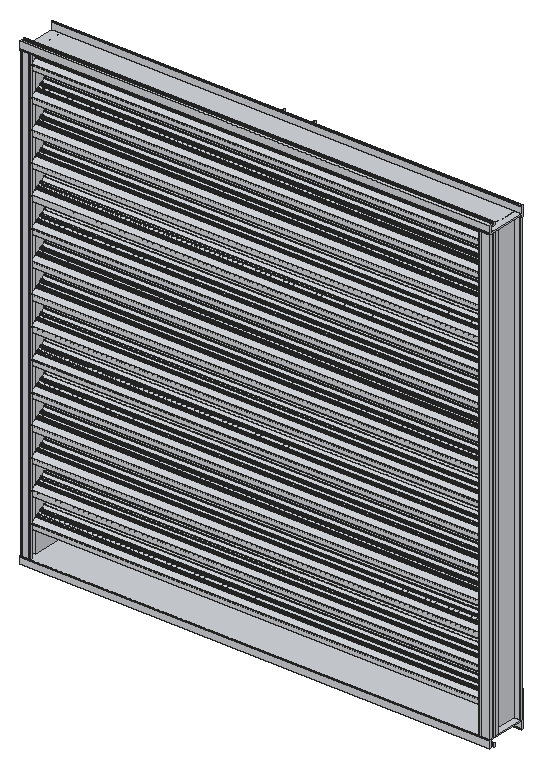
Revit family "CFL-D-4", category Mechanical Equipment, Revit 2015
Parameters
  URL = "http://unitedenertech.com/catalog/pdf/A_31a%20CFL-D-4.pdf"
  Type Comments = "Max. Single Section Size is (120\"w  x  84\"h) or (84\"w  x  120\"h)"
  Model = "CFL-D-4"
  Manufacturer = "United Enertech Corporation"
  Exact Width = 4' - 0"
  Exact Height = 4' - 0"
  Description = "High Performance Combination Louver/Damper 4\""
  Depth = 0' - 4.21363"
  Bracket Spacing = 0' - 3"
  Bracket Number [instance] = rounddown((Exact Height - 0' 4 3/16") / 0' 3")  # 14
  Blade Spacing 2 = 0' - 3"
  Blade Spacing 1 = 0' - 3"
  Blade 2 Number = rounddown((Exact Height - 0' 4 1/4") / 0' 3")  # 14
  Blade 1 Number [instance] = rounddown((Exact Height - 0' 1 3/4") / 0' 3")  # 15
  B2W [instance] = Exact Width - 0' 1 11/16" - 0' 0 3/8"  # 3' - 9 15/16"
  B1W [instance] = Exact Width - 0' 1 11/16"  # 3' - 10 5/16"
Reference planes (in)
  plane 1 "Center (Front/Back)": y = 0
  plane 2: z = 0
  plane 3 "Center (Left/Right)": x = 0
  plane 4: x = -24
  plane 5: x = 24
  plane 6: z = 48
  plane 7: x = -23.166
  plane 8: x = 23.166
  plane 9: z = 0.875
  plane 10: z = 47.125
  plane 11: y = 4.21363
  plane 12: z = 44.62927
  plane 13: x = -3
  plane 14: x = 3
  plane 15: z = 44.69571
  plane 16: z = 1.52867
Forms (in)
  Extrusion 1, solid
    sketch origin (25.60843, -7.07012, 0) x (1, 0, 0) y (0, 1, 0)
      loop
        line (-49.52743, 11.01475) -> (-49.52743, 11.12175) -> (-48.85543, 11.12175) -> (-48.85543, 8.12175) -> (-49.56243, 8.12175) -> (-49.56243, 7.70275) -> (-49.60843, 7.70275) -> (-49.60843, 7.62175) -> (-49.56243, 7.62175) -> (-49.56243, 7.55975) -> (-49.48143, 7.55975) -> (-49.48143, 7.62175) -> (-49.39343, 7.62175) -> (-49.39343, 7.20275) -> (-49.48143, 7.20275) -> (-49.48143, 7.34075) -> (-49.56243, 7.34075) -> (-49.56243, 7.12175) -> (-48.60152, 7.12175) -> (-48.60152, 7.07012) -> (-48.48343, 7.07012) -> (-48.48343, 7.20275) -> (-48.77443, 7.20275) -> (-48.77443, 7.30975) -> (-48.85543, 7.30975) -> (-48.85543, 7.20275) -> (-49.31243, 7.20275) -> (-49.31243, 7.70275) -> (-49.48143, 7.70275) -> (-49.48143, 8.04075) -> (-48.77443, 8.04075) -> (-48.77443, 11.15275) -> (-48.48343, 11.15275) -> (-48.48343, 11.20275) -> (-49.60843, 11.20275) -> (-49.60843, 11.01475) -> (-49.52743, 11.01475)
    from 0.875 to 47.125
  Extrusion 2, solid
    sketch origin (-25.60843, -7.07012, 0) x (-1, 0, 0) y (0, -1, 0)
      loop
        line (-49.52743, -11.01475) -> (-49.60843, -11.01475) -> (-49.60843, -11.20275) -> (-48.48343, -11.20275) -> (-48.48343, -11.15275) -> (-48.77443, -11.15275) -> (-48.77443, -8.04075) -> (-49.48143, -8.04075) -> (-49.48143, -7.70275) -> (-49.31243, -7.70275) -> (-49.31243, -7.20275) -> (-48.85543, -7.20275) -> (-48.85543, -7.30975) -> (-48.77443, -7.30975) -> (-48.77443, -7.20275) -> (-48.48343, -7.20275) -> (-48.48343, -7.07012) -> (-48.60152, -7.07012) -> (-48.60152, -7.12175) -> (-49.56243, -7.12175) -> (-49.56243, -7.34075) -> (-49.48143, -7.34075) -> (-49.48143, -7.20275) -> (-49.39343, -7.20275) -> (-49.39343, -7.62175) -> (-49.48143, -7.62175) -> (-49.48143, -7.55975) -> (-49.56243, -7.55975) -> (-49.56243, -7.62175) -> (-49.60843, -7.62175) -> (-49.60843, -7.70275) -> (-49.56243, -7.70275) -> (-49.56243, -8.12175) -> (-48.85543, -8.12175) -> (-48.85543, -11.12175) -> (-49.52743, -11.12175) -> (-49.52743, -11.01475)
    from 0.875 to 47.125
  Extrusion 3, solid
    sketch origin (-45.52421, 51.14788, -11.06076) x (0, 1, 0) y (0, 0, 1)
      loop
        line (-50.59625, 11.06076) -> (-50.51525, 11.06076) -> (-50.51525, 11.38576) -> (-51.01525, 11.38576) -> (-51.01525, 11.85476) -> (-47.01525, 11.85476) -> (-47.01525, 11.14176) -> (-47.12225, 11.14176) -> (-47.12225, 11.06076) -> (-46.93425, 11.06076) -> (-46.93425, 14.73576) -> (-47.01525, 14.73576) -> (-47.01525, 11.93576) -> (-51.14788, 11.93576) -> (-51.14788, 11.85476) -> (-51.09625, 11.85476) -> (-51.09625, 11.13576) -> (-50.87825, 11.13576) -> (-50.87825, 11.21676) -> (-51.01525, 11.21676) -> (-51.01525, 11.30476) -> (-50.59625, 11.30476) -> (-50.59625, 11.21676) -> (-50.65925, 11.21676) -> (-50.65925, 11.13576) -> (-50.59625, 11.13576) -> (-50.59625, 11.06076)
    from 21.52421 to 69.52421
  Extrusion 4, solid
    sketch origin (-48.17663, 52.05692, 22.47467) x (0, 1, 0) y (0, 0, 1)
      loop
        line (-51.50529, 25.52533) -> (-51.50529, 25.45033) -> (-51.56829, 25.45033) -> (-51.56829, 25.36933) -> (-51.50529, 25.36933) -> (-51.50529, 25.28133) -> (-51.92429, 25.28133) -> (-51.92429, 25.36933) -> (-51.78729, 25.36933) -> (-51.78729, 25.45033) -> (-52.00529, 25.45033) -> (-52.00529, 24.73133) -> (-52.05692, 24.73133) -> (-52.05692, 24.65033) -> (-47.92429, 24.65033) -> (-47.92429, 24.40033) -> (-47.84329, 24.40033) -> (-47.84329, 25.52533) -> (-48.03129, 25.52533) -> (-48.03129, 25.44433) -> (-47.92429, 25.44433) -> (-47.92429, 24.73133) -> (-51.92429, 24.73133) -> (-51.92429, 25.20033) -> (-51.42429, 25.20033) -> (-51.42429, 25.52533) -> (-51.50529, 25.52533)
    from 24.17663 to 72.17663
  Extrusion 5, solid
    sketch origin (-41.47338, 2.04952, 0) x (1, 0, 0) y (0, 1, 0)
      loop
        line (38.47338, 2.16411) -> (39.97338, 2.16411) -> (39.97338, 3.66411) -> (39.84838, 3.66411) -> (39.84838, 2.28911) -> (38.47338, 2.28911) -> (38.47338, 2.16411)
    from 0.875 to 47.125
  Extrusion 6, solid
    sketch origin (41.47338, 2.04952, 0) x (-1, 0, 0) y (0, -1, 0)
      loop
        line (38.47338, -2.16411) -> (38.47338, -2.28911) -> (39.84838, -2.28911) -> (39.84838, -3.66411) -> (39.97338, -3.66411) -> (39.97338, -2.16411) -> (38.47338, -2.16411)
    from 0.875 to 47.125
  Extrusion 7, solid
    sketch origin (0, 0, 0) x (1, 0, 0) y (0, 1, 0)
      loop
        circle (0, 4.45337) r 0.192
    from 1.52867 to 44.69571
Dimensions and locks (in)
  equal spacing: plane 4, plane 3 "Center (Left/Right)", plane 5
  "Exact Width": plane 4 to plane 5
  "Exact Height": plane 6 to level
  locked: plane 4 to plane 7 at 0.834
  locked: plane 8 to plane 5 at 0.834
  locked: plane 9 to level at 0.875
  locked: plane 6 to plane 10 at 0.875
  "Depth": plane 1 "Center (Front/Back)" to plane 11
  equal spacing: group 1, group 2, group 3, group 4, group 5, group 6, group 7, group 20, group 21, group 22, group 23, group 24, group 25, group 26, group 27  (x2)
  equal spacing: group 27, group 26, group 25, group 24, group 23, group 22, group 21, group 20, group 7, group 6, group 5, group 4, group 3, group 2, group 1
  "Blade Spacing 1": nested 2 to nested 1
  locked: plane 6 to plane 12 at 3.37073
  equal spacing: group 8, group 9, group 10, group 11, group 12, group 13, group 28, group 29, group 30, group 31, group 32, group 33, group 34, group 35  (x2)
  equal spacing: group 35, group 34, group 33, group 32, group 31, group 30, group 29, group 28, group 13, group 12, group 11, group 10, group 9, group 8
  "Blade Spacing 2": nested 9 to nested 8
  equal spacing: plane 13, plane 3 "Center (Left/Right)", plane 14
  locked: plane 13 to plane 14 at 6
  locked: plane 6 to plane 15 at 3.30429
  equal spacing: group 14, group 15, group 16, group 17, group 18, group 19, group 36, group 37, group 38, group 39, group 40, group 41, group 42, group 43  (x2)
  equal spacing: group 43, group 42, group 41, group 40, group 39, group 38, group 37, group 36, group 19, group 18, group 17, group 16, group 15, group 14
  "Bracket Spacing": nested 15 to nested 14
  locked: plane 16 to level at 1.52867
  aligned and locked: level to plane 2
  aligned and locked: Extrusion 1 to plane 9
  aligned and locked: Extrusion 2 to plane 9
  aligned and locked: plane 5 to Extrusion 3
  aligned and locked: plane 4 to Extrusion 3
  aligned and locked: plane 6 to Extrusion 4
  aligned and locked: plane 5 to Extrusion 4
  aligned and locked: plane 4 to Extrusion 4
  aligned and locked: plane 10 to Extrusion 1
  aligned and locked: plane 10 to Extrusion 2
  aligned and locked: plane 3 "Center (Left/Right)" to nested 1
  aligned and locked: plane 10 to nested 1
  aligned and locked: plane 3 "Center (Left/Right)" to nested 8
  aligned and locked: nested 8 to plane 12
  aligned and locked: plane 10 to Extrusion 5
  aligned and locked: Extrusion 5 to plane 9
  aligned and locked: plane 10 to Extrusion 6
  aligned and locked: Extrusion 6 to plane 9
  aligned and locked: plane 9 to Extrusion 5
  aligned and locked: nested 14 to plane 15
  aligned and locked: plane 15 to Extrusion 7
  aligned and locked: Extrusion 7 to plane 16
Automatic sketch dimensions
  Extrusion 1 sketch curve to plane 4 = 0' - 0"  (x2)
  Extrusion 1 sketch curve to plane 7 = 0' - 0"  (x2)
  plane 1 "Center (Front/Back)" to Extrusion 1 sketch curve = 0' - 0"
  Extrusion 1 sketch curve to plane 4 = 0' - 0.046"  (x3)
  Extrusion 1 sketch curve to plane 4 = 0' - 0.081"
  Extrusion 1 sketch curve to Extrusion 1 sketch curve = 0' - 0.081"  (x9)
  Extrusion 1 sketch curve to Extrusion 1 sketch curve = 0' - 0.088"
  plane 7 to Extrusion 1 sketch curve = 0' - 0.081"
  Extrusion 1 sketch curve to plane 7 = 0' - 0.17291"
  plane 11 to Extrusion 1 sketch curve = 0' - 0.081"
  Extrusion 1 sketch curve to plane 7 = 0' - 0.291"
  Extrusion 1 sketch curve to Extrusion 1 sketch curve = 0' - 0.11809"
  Extrusion 1 sketch curve to plane 1 "Center (Front/Back)" = 0' - 0.05163"
  Extrusion 1 sketch curve to plane 1 "Center (Front/Back)" = 0' - 0.13263"
  Extrusion 1 sketch curve to Extrusion 1 sketch curve = 0' - 0"
  Extrusion 1 sketch curve to Extrusion 1 sketch curve = 0' - 0.107"
  Extrusion 1 sketch curve to Extrusion 1 sketch curve = 0' - 0.138"
  Extrusion 1 sketch curve to Extrusion 1 sketch curve = 0' - 0.219"
  Extrusion 1 sketch curve to Extrusion 1 sketch curve = 0' - 0.062"  (x2)
  Extrusion 1 sketch curve to Extrusion 1 sketch curve = 0' - 0.338"
  Extrusion 1 sketch curve to Extrusion 1 sketch curve = 0' - 0.188"
  plane 11 to Extrusion 1 sketch curve = 0' - 0.162"
  Extrusion 1 sketch curve to Extrusion 1 sketch curve = 0' - 0.05"
  Extrusion 2 sketch curve to plane 5 = 0' - 0"  (x2)
  Extrusion 2 sketch curve to plane 8 = 0' - 0"  (x2)
  plane 1 "Center (Front/Back)" to Extrusion 2 sketch curve = 0' - 0"
  plane 5 to Extrusion 2 sketch curve = 0' - 0.046"  (x3)
  plane 5 to Extrusion 2 sketch curve = 0' - 0.081"
  Extrusion 2 sketch curve to Extrusion 2 sketch curve = 0' - 0.081"  (x9)
  Extrusion 2 sketch curve to Extrusion 2 sketch curve = 0' - 0.088"
  plane 8 to Extrusion 2 sketch curve = 0' - 0.081"
  Extrusion 2 sketch curve to plane 8 = 0' - 0.17291"
  Extrusion 2 sketch curve to plane 11 = 0' - 0.081"
  Extrusion 2 sketch curve to plane 8 = 0' - 0.291"
  Extrusion 2 sketch curve to Extrusion 2 sketch curve = 0' - 0.11809"
  plane 1 "Center (Front/Back)" to Extrusion 2 sketch curve = 0' - 0.05163"
  plane 1 "Center (Front/Back)" to Extrusion 2 sketch curve = 0' - 0.13263"
  Extrusion 2 sketch curve to Extrusion 2 sketch curve = 0' - 0"
  Extrusion 2 sketch curve to Extrusion 2 sketch curve = 0' - 0.107"
  Extrusion 2 sketch curve to Extrusion 2 sketch curve = 0' - 0.138"
  Extrusion 2 sketch curve to Extrusion 2 sketch curve = 0' - 0.219"
  Extrusion 2 sketch curve to Extrusion 2 sketch curve = 0' - 0.062"  (x2)
  Extrusion 2 sketch curve to Extrusion 2 sketch curve = 0' - 0.338"
  Extrusion 2 sketch curve to Extrusion 2 sketch curve = 0' - 0.188"
  Extrusion 2 sketch curve to plane 11 = 0' - 0.162"
  Extrusion 2 sketch curve to Extrusion 2 sketch curve = 0' - 0.05"
  Extrusion 3 sketch curve to plane 1 "Center (Front/Back)" = 0' - 0"
  Extrusion 3 sketch curve to level = 0' - 0"  (x2)
  plane 9 to Extrusion 3 sketch curve = 0' - 0"
  Extrusion 3 sketch curve to plane 11 = 0' - 0"
  Extrusion 3 sketch curve to plane 1 "Center (Front/Back)" = 0' - 0.05163"
  Extrusion 3 sketch curve to plane 1 "Center (Front/Back)" = 0' - 0.13263"
  Extrusion 3 sketch curve to Extrusion 3 sketch curve = 0' - 0"  (x2)
  level to Extrusion 3 sketch curve = 0' - 0.075"  (x2)
  Extrusion 3 sketch curve to Extrusion 3 sketch curve = 0' - 0.137"
  Extrusion 3 sketch curve to Extrusion 3 sketch curve = 0' - 0.219"
  Extrusion 3 sketch curve to Extrusion 3 sketch curve = 0' - 0.063"  (x2)
  Extrusion 3 sketch curve to Extrusion 3 sketch curve = 0' - 0.081"  (x5)
  Extrusion 3 sketch curve to Extrusion 3 sketch curve = 0' - 0.188"
  plane 11 to Extrusion 3 sketch curve = 0' - 0.081"
  level to Extrusion 3 sketch curve = 0' - 0.081"
  Extrusion 3 sketch curve to Extrusion 3 sketch curve = 0' - 0.088"
  Extrusion 3 sketch curve to plane 9 = 0' - 0.081"
  Extrusion 3 sketch curve to Extrusion 3 sketch curve = 0' - 2.8"
  Extrusion 4 sketch curve to plane 1 "Center (Front/Back)" = 0' - 0"
  Extrusion 4 sketch curve to plane 6 = 0' - 0"  (x2)
  plane 10 to Extrusion 4 sketch curve = 0' - 0"
  Extrusion 4 sketch curve to plane 11 = 0' - 0"
  Extrusion 4 sketch curve to plane 1 "Center (Front/Back)" = 0' - 0.05163"
  Extrusion 4 sketch curve to Extrusion 4 sketch curve = 0' - 0.081"  (x9)
  Extrusion 4 sketch curve to plane 6 = 0' - 0.075"  (x2)
  Extrusion 4 sketch curve to Extrusion 4 sketch curve = 0' - 0.137"
  Extrusion 4 sketch curve to Extrusion 4 sketch curve = 0' - 0.219"
  Extrusion 4 sketch curve to Extrusion 4 sketch curve = 0' - 0.063"  (x2)
  Extrusion 4 sketch curve to Extrusion 4 sketch curve = 0' - 0.188"
  Extrusion 4 sketch curve to Extrusion 4 sketch curve = 0' - 0"
  Extrusion 4 sketch curve to plane 10 = 0' - 0 1/4"
  Extrusion 4 sketch curve to Extrusion 4 sketch curve = 0' - 0 1/4"
  Extrusion 4 sketch curve to Extrusion 4 sketch curve = 0' - 0.088"
  plane 11 to Extrusion 5 sketch curve = 0' - 0"
  Extrusion 5 sketch curve to plane 13 = 0' - 0"
  Extrusion 5 sketch curve to plane 13 = 0' - 1 3/8"
  Extrusion 5 sketch curve to Extrusion 5 sketch curve = 0' - 0 1/8"
  Extrusion 5 sketch curve to plane 11 = 0' - 0 1/8"
  Extrusion 5 sketch curve to Extrusion 5 sketch curve = 0' - 1 3/8"
  plane 11 to Extrusion 6 sketch curve = 0' - 0"
  Extrusion 6 sketch curve to plane 14 = 0' - 0"
  Extrusion 6 sketch curve to plane 14 = 0' - 1 3/8"
  Extrusion 6 sketch curve to Extrusion 6 sketch curve = 0' - 0 1/8"
  plane 11 to Extrusion 6 sketch curve = 0' - 0 1/8"
  Extrusion 6 sketch curve to Extrusion 6 sketch curve = 0' - 1 3/8"
  Extrusion 7 sketch curve to plane 3 "Center (Left/Right)" = 0' - 0"
  Extrusion 7 sketch curve to plane 11 = 0' - 0.23973"
  radius of Extrusion 7 sketch curve = 0' - 0.192"
Nested families (in)
  nested 1: "CFL Blade 1" at (0, -0.52815, 40.3854), type "CFL Blade 1"
    with Blade Width 3' - 10 5/16"
  nested 2: "CFL Blade 1" at (0, -0.52815, 37.3854), type "CFL Blade 1"
    with Blade Width 3' - 10 5/16"
  nested 3: "CFL Blade 1" at (0, -0.52815, 34.3854), type "CFL Blade 1"
    with Blade Width 3' - 10 5/16"
  nested 4: "CFL Blade 1" at (0, -0.52815, 31.3854), type "CFL Blade 1"
    with Blade Width 3' - 10 5/16"
  nested 5: "CFL Blade 1" at (0, -0.52815, 28.3854), type "CFL Blade 1"
    with Blade Width 3' - 10 5/16"
  nested 6: "CFL Blade 1" at (0, -0.52815, 25.3854), type "CFL Blade 1"
    with Blade Width 3' - 10 5/16"
  nested 7: "CFL Blade 1" at (0, -0.52815, 22.3854), type "CFL Blade 1"
    with Blade Width 3' - 10 5/16"
  nested 8: "CFL Blade 2" at (0, 0.64933, 38.36327), type "CFL Blade 2"
    with Blade 2 Width 3' - 9 15/16"
  nested 9: "CFL Blade 2" at (0, 0.64933, 35.36327), type "CFL Blade 2"
    with Blade 2 Width 3' - 9 15/16"
  nested 10: "CFL Blade 2" at (0, 0.64933, 32.36327), type "CFL Blade 2"
    with Blade 2 Width 3' - 9 15/16"
  nested 11: "CFL Blade 2" at (0, 0.64933, 29.36327), type "CFL Blade 2"
    with Blade 2 Width 3' - 9 15/16"
  nested 12: "CFL Blade 2" at (0, 0.64933, 26.36327), type "CFL Blade 2"
    with Blade 2 Width 3' - 9 15/16"
  nested 13: "CFL Blade 2" at (0, 0.64933, 23.36327), type "CFL Blade 2"
    with Blade 2 Width 3' - 9 15/16"
  nested 14: "BRACKET" at (2.67149, 4.39076, 45.80463) x (1, 0, 0) z (0, 0.7411, -0.6714), type "BRACKET"
  nested 15: "BRACKET" at (2.67149, 4.39076, 42.80463) x (1, 0, 0) z (0, 0.7411, -0.6714), type "BRACKET"
  nested 16: "BRACKET" at (2.67149, 4.39076, 39.80463) x (1, 0, 0) z (0, 0.7411, -0.6714), type "BRACKET"
  nested 17: "BRACKET" at (2.67149, 4.39076, 36.80463) x (1, 0, 0) z (0, 0.7411, -0.6714), type "BRACKET"
  nested 18: "BRACKET" at (2.67149, 4.39076, 33.80463) x (1, 0, 0) z (0, 0.7411, -0.6714), type "BRACKET"
  nested 19: "BRACKET" at (2.67149, 4.39076, 30.80463) x (1, 0, 0) z (0, 0.7411, -0.6714), type "BRACKET"
  nested 20: "CFL Blade 1" at (0, -0.52815, 19.3854), type "CFL Blade 1"
    with Blade Width 3' - 10 5/16"
  nested 21: "CFL Blade 1" at (0, -0.52815, 16.3854), type "CFL Blade 1"
    with Blade Width 3' - 10 5/16"
  nested 22: "CFL Blade 1" at (0, -0.52815, 13.3854), type "CFL Blade 1"
    with Blade Width 3' - 10 5/16"
  nested 23: "CFL Blade 1" at (0, -0.52815, 10.3854), type "CFL Blade 1"
    with Blade Width 3' - 10 5/16"
  nested 24: "CFL Blade 1" at (0, -0.52815, 7.3854), type "CFL Blade 1"
    with Blade Width 3' - 10 5/16"
  nested 25: "CFL Blade 1" at (0, -0.52815, 4.3854), type "CFL Blade 1"
    with Blade Width 3' - 10 5/16"
  nested 26: "CFL Blade 1" at (0, -0.52815, 1.3854), type "CFL Blade 1"
    with Blade Width 3' - 10 5/16"
  nested 27: "CFL Blade 1" at (0, -0.52815, -1.6146), type "CFL Blade 1"
    with Blade Width 3' - 10 5/16"
  nested 28: "CFL Blade 2" at (0, 0.64933, 20.36327), type "CFL Blade 2"
    with Blade 2 Width 3' - 9 15/16"
  nested 29: "CFL Blade 2" at (0, 0.64933, 17.36327), type "CFL Blade 2"
    with Blade 2 Width 3' - 9 15/16"
  nested 30: "CFL Blade 2" at (0, 0.64933, 14.36327), type "CFL Blade 2"
    with Blade 2 Width 3' - 9 15/16"
  nested 31: "CFL Blade 2" at (0, 0.64933, 11.36327), type "CFL Blade 2"
    with Blade 2 Width 3' - 9 15/16"
  nested 32: "CFL Blade 2" at (0, 0.64933, 8.36327), type "CFL Blade 2"
    with Blade 2 Width 3' - 9 15/16"
  nested 33: "CFL Blade 2" at (0, 0.64933, 5.36327), type "CFL Blade 2"
    with Blade 2 Width 3' - 9 15/16"
  nested 34: "CFL Blade 2" at (0, 0.64933, 2.36327), type "CFL Blade 2"
    with Blade 2 Width 3' - 9 15/16"
  nested 35: "CFL Blade 2" at (0, 0.64933, -0.63673), type "CFL Blade 2"
    with Blade 2 Width 3' - 9 15/16"
  nested 36: "BRACKET" at (2.67149, 4.39076, 27.80463) x (1, 0, 0) z (0, 0.7411, -0.6714), type "BRACKET"
  nested 37: "BRACKET" at (2.67149, 4.39076, 24.80463) x (1, 0, 0) z (0, 0.7411, -0.6714), type "BRACKET"
  nested 38: "BRACKET" at (2.67149, 4.39076, 21.80463) x (1, 0, 0) z (0, 0.7411, -0.6714), type "BRACKET"
  nested 39: "BRACKET" at (2.67149, 4.39076, 18.80463) x (1, 0, 0) z (0, 0.7411, -0.6714), type "BRACKET"
  nested 40: "BRACKET" at (2.67149, 4.39076, 15.80463) x (1, 0, 0) z (0, 0.7411, -0.6714), type "BRACKET"
  nested 41: "BRACKET" at (2.67149, 4.39076, 12.80463) x (1, 0, 0) z (0, 0.7411, -0.6714), type "BRACKET"
  nested 42: "BRACKET" at (2.67149, 4.39076, 9.80463) x (1, 0, 0) z (0, 0.7411, -0.6714), type "BRACKET"
  nested 43: "BRACKET" at (2.67149, 4.39076, 6.80463) x (1, 0, 0) z (0, 0.7411, -0.6714), type "BRACKET"
Definition of nested family "CFL Blade 1"
  Parameters (values of type "CFL Blade 1")
    Blade Width = 2' - 0"
  Reference planes (in)
    plane 1 "Center (Front/Back)": y = 0
    plane 2: z = 0
    plane 3 "Center (Left/Right)": x = 0
    plane 4: x = -12
    plane 5: x = 12
  Forms (in)
    Extrusion 1, solid
      sketch origin (-3.41988, -4.10865, 4.95837) x (0, 1, 0) y (0, 0, 1)
        loop
          line (4.91461, 0.62432) -> (4.95458, 0.66907) -> (4.76943, 0.83971) -> (4.76943, 0.30203) -> (5.65559, 0.90622) -> (5.71832, 0.89099) -> (5.73753, 0.94044) -> (5.67739, 0.97526) -> (5.65413, 1.01811) -> (5.66203, 1.0688) -> (5.69702, 1.10245) -> (5.74792, 1.10836) -> (5.79555, 1.0761) -> (5.80898, 1.02742) -> (5.81433, 0.98066) -> (5.87311, 0.98739) -> (5.86847, 1.04548) -> (5.87422, 1.09816) -> (6.06833, 1.23051) -> (6.16935, 1.19047) -> (6.18446, 1.24685) -> (6.12527, 1.27533) -> (6.09751, 1.33066) -> (6.12294, 1.39296) -> (6.17551, 1.41329) -> (6.22364, 1.3967) -> (6.25174, 1.35227) -> (6.25677, 1.28967) -> (6.31196, 1.28967) -> (6.31353, 1.32978) -> (6.34703, 1.38274) -> (6.77138, 1.78123) -> (6.48131, 1.78123) -> (6.48131, 1.72306) -> (6.62178, 1.72306) -> (6.30332, 1.424) -> (6.26331, 1.44179) -> (6.22413, 1.46445) -> (6.15712, 1.47206) -> (6.12224, 1.46261) -> (6.09313, 1.44604) -> (6.06657, 1.42009) -> (6.0399, 1.36013) -> (6.03849, 1.31773) -> (6.03663, 1.28104) -> (5.83212, 1.1416) -> (5.7937, 1.15517) -> (5.75274, 1.1685) -> (5.70747, 1.1682) -> (5.66196, 1.15173) -> (5.62222, 1.11722) -> (5.59837, 1.07068) -> (5.59369, 1.0171) -> (5.60664, 0.94511) -> (4.82985, 0.41537) -> (4.82985, 0.70243) -> (4.91461, 0.62432)
      from -8.58012 to 15.41988
  Dimensions and locks (in)
    equal spacing: plane 4, plane 3 "Center (Left/Right)", plane 5
    "Blade Width": plane 4 to plane 5
    aligned and locked: level to plane 2
    aligned and locked: plane 5 to Extrusion 1
    aligned and locked: plane 4 to Extrusion 1
  Automatic sketch dimensions
    Extrusion 1 sketch curve to plane 1 "Center (Front/Back)" = 0' - 0.66078"
    Extrusion 1 sketch curve to Extrusion 1 sketch curve = 0' - 0.06042"
    Extrusion 1 sketch curve to Extrusion 1 sketch curve = 0' - 0.08476"
    Extrusion 1 sketch curve to Extrusion 1 sketch curve = 0' - 0.03997"
    Extrusion 1 sketch curve to Extrusion 1 sketch curve = 0' - 0.63911"
    Extrusion 1 sketch curve to Extrusion 1 sketch curve = 0' - 0.00468"
    Extrusion 1 sketch curve to Extrusion 1 sketch curve = 0' - 0.01295"
    Extrusion 1 sketch curve to Extrusion 1 sketch curve = 0' - 0.02385"
    Extrusion 1 sketch curve to Extrusion 1 sketch curve = 0' - 0.06045"
    Extrusion 1 sketch curve to Extrusion 1 sketch curve = 0' - 0.04895"
    Extrusion 1 sketch curve to Extrusion 1 sketch curve = 0' - 0.03974"
    Extrusion 1 sketch curve to Extrusion 1 sketch curve = 0' - 0.0079"
    Extrusion 1 sketch curve to Extrusion 1 sketch curve = 0' - 0.02326"
    Extrusion 1 sketch curve to Extrusion 1 sketch curve = 0' - 0.03499"
    Extrusion 1 sketch curve to Extrusion 1 sketch curve = 0' - 0.04551"
    Extrusion 1 sketch curve to Extrusion 1 sketch curve = 0' - 0.06273"
    Extrusion 1 sketch curve to Extrusion 1 sketch curve = 0' - 0.01921"
    Extrusion 1 sketch curve to Extrusion 1 sketch curve = 0' - 0.0509"
    Extrusion 1 sketch curve to Extrusion 1 sketch curve = 0' - 0.04528"
    Extrusion 1 sketch curve to Extrusion 1 sketch curve = 0' - 0.04095"
    Extrusion 1 sketch curve to Extrusion 1 sketch curve = 0' - 0.04762"
    Extrusion 1 sketch curve to Extrusion 1 sketch curve = 0' - 0.01343"
    Extrusion 1 sketch curve to Extrusion 1 sketch curve = 0' - 0.00535"
    Extrusion 1 sketch curve to Extrusion 1 sketch curve = 0' - 0.03842"
    Extrusion 1 sketch curve to Extrusion 1 sketch curve = 0' - 0.05949"
    Extrusion 1 sketch curve to Extrusion 1 sketch curve = 0' - 0.00464"
    Extrusion 1 sketch curve to Extrusion 1 sketch curve = 0' - 0.00575"
    Extrusion 1 sketch curve to Extrusion 1 sketch curve = 0' - 0.16241"
    Extrusion 1 sketch curve to Extrusion 1 sketch curve = 0' - 0.00186"
    Extrusion 1 sketch curve to Extrusion 1 sketch curve = 0' - 0.00141"
    Extrusion 1 sketch curve to Extrusion 1 sketch curve = 0' - 0.02667"
    Extrusion 1 sketch curve to Extrusion 1 sketch curve = 0' - 0.0317"
    Extrusion 1 sketch curve to Extrusion 1 sketch curve = 0' - 0.02655"
    Extrusion 1 sketch curve to Extrusion 1 sketch curve = 0' - 0.05902"
    Extrusion 1 sketch curve to Extrusion 1 sketch curve = 0' - 0.02911"
    Extrusion 1 sketch curve to Extrusion 1 sketch curve = 0' - 0.02982"
    Extrusion 1 sketch curve to Extrusion 1 sketch curve = 0' - 0.02776"
    Extrusion 1 sketch curve to Extrusion 1 sketch curve = 0' - 0.03488"
    Extrusion 1 sketch curve to Extrusion 1 sketch curve = 0' - 0.04408"
    Extrusion 1 sketch curve to Extrusion 1 sketch curve = 0' - 0.05256"
    Extrusion 1 sketch curve to Extrusion 1 sketch curve = 0' - 0.01511"
    Extrusion 1 sketch curve to Extrusion 1 sketch curve = 0' - 0.04814"
    Extrusion 1 sketch curve to Extrusion 1 sketch curve = 0' - 0.06701"
    Extrusion 1 sketch curve to Extrusion 1 sketch curve = 0' - 0.02809"
    Extrusion 1 sketch curve to Extrusion 1 sketch curve = 0' - 0.00503"
    Extrusion 1 sketch curve to Extrusion 1 sketch curve = 0' - 0.03918"
    Extrusion 1 sketch curve to Extrusion 1 sketch curve = 0' - 0.04001"
    Extrusion 1 sketch curve to Extrusion 1 sketch curve = 0' - 0.05519"
    Extrusion 1 sketch curve to Extrusion 1 sketch curve = 0' - 0.00157"
    Extrusion 1 sketch curve to Extrusion 1 sketch curve = 0' - 0.04371"
    Extrusion 1 sketch curve to Extrusion 1 sketch curve = 0' - 0.17799"
    Extrusion 1 sketch curve to Extrusion 1 sketch curve = 0' - 0.14048"
    Extrusion 1 sketch curve to Extrusion 1 sketch curve = 0' - 0.1496"
    level to Extrusion 1 sketch curve = 0' - 5.2604"
    Extrusion 1 sketch curve to Extrusion 1 sketch curve = 0' - 0.11334"
    Extrusion 1 sketch curve to Extrusion 1 sketch curve = 0' - 0.20895"
    Extrusion 1 sketch curve to Extrusion 1 sketch curve = 0' - 0.04475"
    Extrusion 1 sketch curve to Extrusion 1 sketch curve = 0' - 0 5/64"
    Extrusion 1 sketch curve to Extrusion 1 sketch curve = 0' - 0.13728"
    Extrusion 1 sketch curve to Extrusion 1 sketch curve = 0' - 0.22192"
    Extrusion 1 sketch curve to Extrusion 1 sketch curve = 0' - 0.01523"
    Extrusion 1 sketch curve to Extrusion 1 sketch curve = 0' - 0.04945"
    Extrusion 1 sketch curve to Extrusion 1 sketch curve = 0' - 0.03889"
    Extrusion 1 sketch curve to Extrusion 1 sketch curve = 0' - 0.03482"
    Extrusion 1 sketch curve to Extrusion 1 sketch curve = 0' - 0.04022"
    Extrusion 1 sketch curve to Extrusion 1 sketch curve = 0' - 0.00672"
    Extrusion 1 sketch curve to Extrusion 1 sketch curve = 0' - 0.07199"
    Extrusion 1 sketch curve to Extrusion 1 sketch curve = 0' - 0.04285"
    Extrusion 1 sketch curve to Extrusion 1 sketch curve = 0' - 0.05809"
    Extrusion 1 sketch curve to Extrusion 1 sketch curve = 0' - 0.05069"
    Extrusion 1 sketch curve to Extrusion 1 sketch curve = 0' - 0.05358"
    Extrusion 1 sketch curve to Extrusion 1 sketch curve = 0' - 0.04868"
    Extrusion 1 sketch curve to Extrusion 1 sketch curve = 0' - 0.05268"
    Extrusion 1 sketch curve to Extrusion 1 sketch curve = 0' - 0.03365"
    Extrusion 1 sketch curve to Extrusion 1 sketch curve = 0' - 0.00592"
    Extrusion 1 sketch curve to Extrusion 1 sketch curve = 0' - 0.04654"
    Extrusion 1 sketch curve to Extrusion 1 sketch curve = 0' - 0.04344"
    Extrusion 1 sketch curve to Extrusion 1 sketch curve = 0' - 0.0345"
    Extrusion 1 sketch curve to Extrusion 1 sketch curve = 0' - 0.01357"
    Extrusion 1 sketch curve to Extrusion 1 sketch curve = 0' - 0.01647"
    Extrusion 1 sketch curve to Extrusion 1 sketch curve = 0' - 0.01333"
    Extrusion 1 sketch curve to Extrusion 1 sketch curve = 0' - 0.0923"
    Extrusion 1 sketch curve to Extrusion 1 sketch curve = 0' - 0.04004"
    Extrusion 1 sketch curve to Extrusion 1 sketch curve = 0' - 0.05639"
    Extrusion 1 sketch curve to Extrusion 1 sketch curve = 0' - 0.02848"
    Extrusion 1 sketch curve to Extrusion 1 sketch curve = 0' - 0.05053"
    Extrusion 1 sketch curve to Extrusion 1 sketch curve = 0' - 0.04281"
    Extrusion 1 sketch curve to Extrusion 1 sketch curve = 0' - 0.03669"
    Extrusion 1 sketch curve to Extrusion 1 sketch curve = 0' - 0.04012"
    Extrusion 1 sketch curve to Extrusion 1 sketch curve = 0' - 0.01294"
    Extrusion 1 sketch curve to Extrusion 1 sketch curve = 0' - 0.0626"
    Extrusion 1 sketch curve to Extrusion 1 sketch curve = 0' - 0.04241"
    Extrusion 1 sketch curve to Extrusion 1 sketch curve = 0' - 0.05295"
    Extrusion 1 sketch curve to Extrusion 1 sketch curve = 0' - 0.0623"
    Extrusion 1 sketch curve to Extrusion 1 sketch curve = 0' - 0.04443"
    Extrusion 1 sketch curve to Extrusion 1 sketch curve = 0' - 0.01659"
    Extrusion 1 sketch curve to Extrusion 1 sketch curve = 0' - 0.02713"
    Extrusion 1 sketch curve to Extrusion 1 sketch curve = 0' - 0.04126"
    Extrusion 1 sketch curve to Extrusion 1 sketch curve = 0' - 0.0178"
    Extrusion 1 sketch curve to Extrusion 1 sketch curve = 0' - 0.02595"
    Extrusion 1 sketch curve to Extrusion 1 sketch curve = 0' - 0.01657"
    Extrusion 1 sketch curve to Extrusion 1 sketch curve = 0' - 0.02266"
    Extrusion 1 sketch curve to Extrusion 1 sketch curve = 0' - 0.00945"
    Extrusion 1 sketch curve to Extrusion 1 sketch curve = 0' - 0.29906"
    Extrusion 1 sketch curve to Extrusion 1 sketch curve = 0' - 0.05817"
Definition of nested family "CFL Blade 2"
  Parameters (values of type "CFL Blade 2")
    Blade 2 Width = 2' - 0"
  Reference planes (in)
    plane 1 "Center (Front/Back)": y = 0
    plane 2: z = 0
    plane 3 "Center (Left/Right)": x = 0
    plane 4: x = -12
    plane 5: x = 12
  Forms (in)
    Extrusion 1, solid
      sketch origin (3.80836, -5.36649, 3.88789) x (0, 1, 0) y (0, 0, 1)
        loop
          line (6.20933, 1.12231) -> (6.26629, 1.06472) -> (7.35867, 2.14418) -> (7.4301, 2.17118) -> (7.49521, 2.15668) -> (7.56436, 2.11037) -> (7.65062, 2.07647) -> (7.74506, 2.06645) -> (7.85029, 2.08105) -> (7.82464, 2.17678) -> (7.74727, 2.16662) -> (7.66619, 2.17578) -> (7.58799, 2.21365) -> (7.52324, 2.28246) -> (7.48781, 2.37516) -> (7.4897, 2.46749) -> (7.5223, 2.54863) -> (7.5778, 2.61116) -> (7.655, 2.65574) -> (7.7344, 2.66629) -> (7.82433, 2.64956) -> (7.89345, 2.60917) -> (7.94261, 2.55467) -> (7.97819, 2.47168) -> (7.99303, 2.37811) -> (8.11775, 2.37811) -> (8.14049, 2.49511) -> (8.74788, 3.10249) -> (8.69086, 3.15951) -> (8.15742, 2.63865) -> (8.08292, 2.61403) -> (8.01114, 2.63669) -> (7.92773, 2.70805) -> (7.85896, 2.74337) -> (7.77941, 2.76338) -> (7.69988, 2.76458) -> (7.6124, 2.74434) -> (7.53578, 2.70448) -> (7.46578, 2.64067) -> (7.41819, 2.56632) -> (7.39271, 2.49211) -> (7.38257, 2.40037) -> (7.35917, 2.3052) -> (7.31307, 2.22093) -> (7.23522, 2.13704) -> (6.20933, 1.12231)
      from -15.80836 to 8.19164
  Dimensions and locks (in)
    equal spacing: plane 4, plane 3 "Center (Left/Right)", plane 5
    "Blade 2 Width": plane 4 to plane 5
    aligned and locked: level to plane 2
    aligned and locked: Extrusion 1 to plane 5
    aligned and locked: plane 4 to Extrusion 1
  Automatic sketch dimensions
    Extrusion 1 sketch curve to plane 1 "Center (Front/Back)" = 0' - 0.84284"
    Extrusion 1 sketch curve to Extrusion 1 sketch curve = 0' - 0.05696"
    Extrusion 1 sketch curve to Extrusion 1 sketch curve = 0' - 1.02589"
    Extrusion 1 sketch curve to Extrusion 1 sketch curve = 0' - 0.07785"
    Extrusion 1 sketch curve to Extrusion 1 sketch curve = 0' - 0.0456"
    Extrusion 1 sketch curve to Extrusion 1 sketch curve = 0' - 0.0461"
    Extrusion 1 sketch curve to Extrusion 1 sketch curve = 0' - 0.0234"
    Extrusion 1 sketch curve to Extrusion 1 sketch curve = 0' - 0.01014"
    Extrusion 1 sketch curve to Extrusion 1 sketch curve = 0' - 0.02547"
    Extrusion 1 sketch curve to Extrusion 1 sketch curve = 0' - 0.07143"
    Extrusion 1 sketch curve to Extrusion 1 sketch curve = 0' - 0.0476"
    Extrusion 1 sketch curve to Extrusion 1 sketch curve = 0' - 0.10524"
    Extrusion 1 sketch curve to Extrusion 1 sketch curve = 0' - 0.00189"
    Extrusion 1 sketch curve to Extrusion 1 sketch curve = 0' - 0.06511"
    Extrusion 1 sketch curve to Extrusion 1 sketch curve = 0' - 0.0326"
    Extrusion 1 sketch curve to Extrusion 1 sketch curve = 0' - 0.03543"
    Extrusion 1 sketch curve to Extrusion 1 sketch curve = 0' - 0.07"
    Extrusion 1 sketch curve to Extrusion 1 sketch curve = 0' - 0.06915"
    Extrusion 1 sketch curve to Extrusion 1 sketch curve = 0' - 0.0555"
    Extrusion 1 sketch curve to Extrusion 1 sketch curve = 0' - 0.06475"
    Extrusion 1 sketch curve to Extrusion 1 sketch curve = 0' - 0.07661"
    Extrusion 1 sketch curve to Extrusion 1 sketch curve = 0' - 0.08626"
    Extrusion 1 sketch curve to Extrusion 1 sketch curve = 0' - 0.0772"
    Extrusion 1 sketch curve to Extrusion 1 sketch curve = 0' - 0.0782"
    Extrusion 1 sketch curve to Extrusion 1 sketch curve = 0' - 0.08749"
    Extrusion 1 sketch curve to Extrusion 1 sketch curve = 0' - 0.0794"
    Extrusion 1 sketch curve to Extrusion 1 sketch curve = 0' - 0.09444"
    Extrusion 1 sketch curve to Extrusion 1 sketch curve = 0' - 0.08108"
    Extrusion 1 sketch curve to Extrusion 1 sketch curve = 0' - 0.07953"
    Extrusion 1 sketch curve to Extrusion 1 sketch curve = 0' - 0.08993"
    Extrusion 1 sketch curve to Extrusion 1 sketch curve = 0' - 0.07737"
    Extrusion 1 sketch curve to Extrusion 1 sketch curve = 0' - 0.02565"
    Extrusion 1 sketch curve to Extrusion 1 sketch curve = 0' - 0.07955"
    Extrusion 1 sketch curve to Extrusion 1 sketch curve = 0' - 0.06912"
    Extrusion 1 sketch curve to Extrusion 1 sketch curve = 0' - 0.06876"
    Extrusion 1 sketch curve to Extrusion 1 sketch curve = 0' - 0.04916"
    Extrusion 1 sketch curve to Extrusion 1 sketch curve = 0' - 0.03558"
    Extrusion 1 sketch curve to Extrusion 1 sketch curve = 0' - 0.01484"
    Extrusion 1 sketch curve to Extrusion 1 sketch curve = 0' - 0.06852"
    Extrusion 1 sketch curve to Extrusion 1 sketch curve = 0' - 0.07179"
    Extrusion 1 sketch curve to Extrusion 1 sketch curve = 0' - 0.12472"
    Extrusion 1 sketch curve to Extrusion 1 sketch curve = 0' - 0.02274"
    Extrusion 1 sketch curve to Extrusion 1 sketch curve = 0' - 0.0745"
    Extrusion 1 sketch curve to Extrusion 1 sketch curve = 0' - 0.53344"
    Extrusion 1 sketch curve to Extrusion 1 sketch curve = 0' - 0.05701"
    level to Extrusion 1 sketch curve = 0' - 4.95261"
    Extrusion 1 sketch curve to Extrusion 1 sketch curve = 0' - 0.05759"
    Extrusion 1 sketch curve to Extrusion 1 sketch curve = 0' - 0.07058"
    Extrusion 1 sketch curve to Extrusion 1 sketch curve = 0' - 0.01001"
    Extrusion 1 sketch curve to Extrusion 1 sketch curve = 0' - 0.0146"
    Extrusion 1 sketch curve to Extrusion 1 sketch curve = 0' - 0.03391"
    Extrusion 1 sketch curve to Extrusion 1 sketch curve = 0' - 0.00715"
    Extrusion 1 sketch curve to Extrusion 1 sketch curve = 0' - 0.04631"
    Extrusion 1 sketch curve to Extrusion 1 sketch curve = 0' - 0.10017"
    Extrusion 1 sketch curve to Extrusion 1 sketch curve = 0' - 0.0145"
    Extrusion 1 sketch curve to Extrusion 1 sketch curve = 0' - 0.00915"
    Extrusion 1 sketch curve to Extrusion 1 sketch curve = 0' - 0.01016"
    Extrusion 1 sketch curve to Extrusion 1 sketch curve = 0' - 0.03787"
    Extrusion 1 sketch curve to Extrusion 1 sketch curve = 0' - 0.07675"
    Extrusion 1 sketch curve to Extrusion 1 sketch curve = 0' - 0.06881"
    Extrusion 1 sketch curve to Extrusion 1 sketch curve = 0' - 0.08427"
    Extrusion 1 sketch curve to Extrusion 1 sketch curve = 0' - 0.0927"
    Extrusion 1 sketch curve to Extrusion 1 sketch curve = 0' - 0.20134"
    Extrusion 1 sketch curve to Extrusion 1 sketch curve = 0' - 0.09516"
    Extrusion 1 sketch curve to Extrusion 1 sketch curve = 0' - 0.09233"
    Extrusion 1 sketch curve to Extrusion 1 sketch curve = 0' - 0.09357"
    Extrusion 1 sketch curve to Extrusion 1 sketch curve = 0' - 0.09175"
    Extrusion 1 sketch curve to Extrusion 1 sketch curve = 0' - 0.117"
    Extrusion 1 sketch curve to Extrusion 1 sketch curve = 0' - 0.08114"
    Extrusion 1 sketch curve to Extrusion 1 sketch curve = 0' - 0.08299"
    Extrusion 1 sketch curve to Extrusion 1 sketch curve = 0' - 0 19/256"
    Extrusion 1 sketch curve to Extrusion 1 sketch curve = 0' - 0.05451"
    Extrusion 1 sketch curve to Extrusion 1 sketch curve = 0' - 0.06253"
    Extrusion 1 sketch curve to Extrusion 1 sketch curve = 0' - 0.11891"
    Extrusion 1 sketch curve to Extrusion 1 sketch curve = 0' - 0.02267"
    Extrusion 1 sketch curve to Extrusion 1 sketch curve = 0' - 0.02462"
    Extrusion 1 sketch curve to Extrusion 1 sketch curve = 0' - 0.07435"
    Extrusion 1 sketch curve to Extrusion 1 sketch curve = 0' - 0.04038"
    Extrusion 1 sketch curve to Extrusion 1 sketch curve = 0' - 0.04457"
    Extrusion 1 sketch curve to Extrusion 1 sketch curve = 0' - 0.01055"
    Extrusion 1 sketch curve to Extrusion 1 sketch curve = 0' - 0.06381"
    Extrusion 1 sketch curve to Extrusion 1 sketch curve = 0' - 0.09888"
    Extrusion 1 sketch curve to Extrusion 1 sketch curve = 0' - 0.03532"
    Extrusion 1 sketch curve to Extrusion 1 sketch curve = 0' - 0.03986"
    Extrusion 1 sketch curve to Extrusion 1 sketch curve = 0' - 0.02001"
    Extrusion 1 sketch curve to Extrusion 1 sketch curve = 0' - 0.0012"
    Extrusion 1 sketch curve to Extrusion 1 sketch curve = 0' - 0.46385"
Definition of nested family "BRACKET"
  Reference planes (in)
    plane 1 "Center (Front/Back)": y = 0
    plane 2: z = 0
    plane 3 "Center (Left/Right)": x = 0
  Forms (in)
    Extrusion 1, solid
      sketch origin (-2.68978, 0, 0) x (1, 0, 0) y (0, 1, 0)
        loop
          line (-0.87301, 0.90078) -> (-0.86465, 0.86958) -> (-0.8419, 0.84683) -> (-0.8093, 0.83809) -> (-0.779, 0.84621) -> (-0.75683, 0.86838) -> (-0.74808, 0.90104) -> (-0.77994, 0.95397) -> (-0.81168, 0.96248) -> (-0.8425, 0.95422) -> (-0.86483, 0.93188) -> (-0.87301, 0.90078)
        loop
          line (-0.93538, 0.9154) -> (-0.93206, 0.86544) -> (-0.64736, 0.48722) -> (-0.58911, 0.45359) -> (-0.52742, 0.45359) -> (-0.46383, 0.48167) -> (-0.23166, 0.68275) -> (0.26824, 0.68275) -> (0.50644, 0.47916) -> (0.55228, 0.45269) -> (0.60696, 0.44805) -> (0.65295, 0.46335) -> (0.70069, 0.51109) -> (0.94703, 0.8246) -> (0.96905, 0.87284) -> (0.96905, 0.92278) -> (0.94661, 0.97737) -> (0.90851, 1.01547) -> (0.38693, 1.41977) -> (0.34918, 1.44157) -> (0.30813, 1.44599) -> (-0.27279, 1.44599) -> (-0.31429, 1.44029) -> (-0.34963, 1.41988) -> (-0.8889, 0.99856) -> (-0.91859, 0.96157) -> (-0.93538, 0.9154)
        loop
          line (0.84768, 0.83809) -> (0.87798, 0.84621) -> (0.90014, 0.86838) -> (0.90014, 0.93086) -> (0.87703, 0.95397) -> (0.84529, 0.96248) -> (0.81448, 0.95422) -> (0.79214, 0.93188) -> (0.78396, 0.90078) -> (0.79232, 0.86958) -> (0.81508, 0.84683) -> (0.84768, 0.83809)
      from 0 to 0.05
    Extrusion 2, solid
      sketch origin (-2.46819, 0, 2.56842) x (0, 0, -1) y (0, 1, 0)
        loop
          line (2.51842, 0.68327) -> (2.51842, 1.44594) -> (2.51176, 1.51478) -> (2.48916, 1.57964) -> (2.45293, 1.63829) -> (2.40233, 1.68888) -> (2.34486, 1.72864) -> (2.27938, 1.75164) -> (2.20777, 1.75915) -> (2.13925, 1.75208) -> (2.0744, 1.72832) -> (2.01055, 1.69145) -> (1.9628, 1.63668) -> (1.93051, 1.59239) -> (1.90399, 1.52215) -> (1.8947, 1.44597) -> (1.9075, 1.36441) -> (1.93504, 1.29244) -> (1.97741, 1.23669) -> (2.51842, 0.68327)
        loop
          line (2.41231, 1.4628) -> (2.40418, 1.50788) -> (2.3851, 1.55473) -> (2.35036, 1.5984) -> (2.30889, 1.63032) -> (2.27559, 1.64577) -> (2.24019, 1.65526) -> (2.19928, 1.65862) -> (2.14577, 1.65218) -> (2.1015, 1.63538) -> (2.05219, 1.60094) -> (2.01547, 1.55605) -> (1.99249, 1.50441) -> (1.9852, 1.44645) -> (1.99277, 1.39034) -> (2.01379, 1.3377) -> (2.04799, 1.29226) -> (2.09253, 1.25839) -> (2.14269, 1.23795) -> (2.19928, 1.23067) -> (2.25419, 1.23779) -> (2.31337, 1.26524) -> (2.36192, 1.30922) -> (2.3931, 1.35849) -> (2.40864, 1.40578) -> (2.41231, 1.4628)
      from 0 to 0.05
    Extrusion 3, solid
      sketch origin (-2.87479, 0, 2.56842) x (0, 0, -1) y (0, -1, 0)
        loop
          line (2.51842, -0.68327) -> (1.97741, -1.23669) -> (1.93504, -1.29244) -> (1.9075, -1.36441) -> (1.8947, -1.44597) -> (1.90399, -1.52215) -> (1.93051, -1.59239) -> (1.9628, -1.63668) -> (2.01055, -1.69145) -> (2.0744, -1.72832) -> (2.13925, -1.75208) -> (2.20777, -1.75915) -> (2.27938, -1.75164) -> (2.34486, -1.72864) -> (2.40233, -1.68888) -> (2.45293, -1.63829) -> (2.48916, -1.57964) -> (2.51176, -1.51478) -> (2.51842, -1.44594) -> (2.51842, -0.68327)
        loop
          line (2.41231, -1.4628) -> (2.40864, -1.40578) -> (2.3931, -1.35849) -> (2.36192, -1.30922) -> (2.31337, -1.26524) -> (2.25419, -1.23779) -> (2.19928, -1.23067) -> (2.14269, -1.23795) -> (2.09253, -1.25839) -> (2.04799, -1.29226) -> (2.01379, -1.3377) -> (1.99277, -1.39034) -> (1.9852, -1.44645) -> (1.99249, -1.50441) -> (2.01547, -1.55605) -> (2.05219, -1.60094) -> (2.1015, -1.63538) -> (2.14577, -1.65218) -> (2.19928, -1.65862) -> (2.24019, -1.65526) -> (2.27559, -1.64577) -> (2.30889, -1.63032) -> (2.35036, -1.5984) -> (2.3851, -1.55473) -> (2.40418, -1.50788) -> (2.41231, -1.4628)
      from 0 to 0.05
    Extrusion 4, solid
      sketch origin (0, 0, 0) x (0, 1, 0) y (0, 0, 1)
        loop
          circle (1.44593, 0.36759) r 0.25
      from -2.89968 to -2.44346
    Extrusion 5, solid
      sketch origin (0, 0.43938, -0.70774) x (1, 0, 0) y (0, 0.829038, 0.559193)
        loop
          circle (-2.67211, 1.44599) r 0.13823
      from 0.36066 to 1.36337
    Extrusion 6, solid
      sketch origin (0, 0.43938, -0.70774) x (1, 0, 0) y (0, -0.559193, 0.829038)
        loop
          circle (-2.67801, 1.03548) r 0.25
      from -1.61222 to -1.27315
  Dimensions and locks (in)
    aligned and locked: level to plane 2
